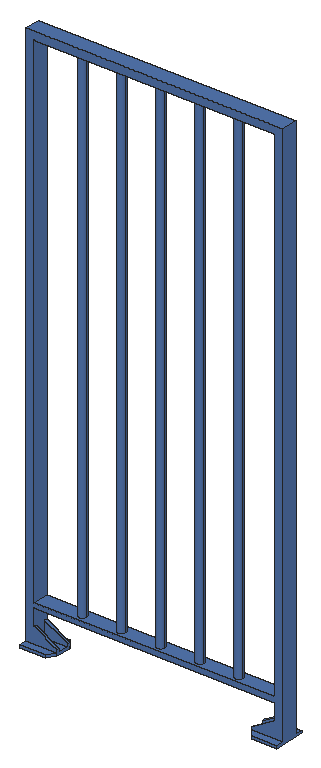
Revit family "Ограждение MB-16", category Обобщенные модели, Revit 2019
Family settings
  Может служить основой для арматурных стержней = Нет
  Размер круглого соединителя = Использовать диаметр
  Тип детали = Нормальный
  На основе рабочей плоскости = Нет
  Всегда вертикально = Да
  При загрузке вырезать с полостями = Нет
  Общий = Нет
  Точка расчета площади = Нет
Parameters
  Температура использования = "от -40°C до +55°C"
  Габаритные размеры = "1000х120х2093"
  ADSK_Наименование краткое = "Ограждение MB-16"
  ADSK_Наименование = "Полноростовое ограждение MB-16"
  ADSK_Материал наименование = Сталь окрашенная RAL 5010
  ADSK_Масса_Текст = "31 кг"
  ADSK_Количество = 1
  ADSK_Завод-изготовитель = "PERCo"
  ADSK_Единица измерения = "компл."
  ADSK_URL страницы изделия = "https://www.perco.ru/products/polnorostovoe-ograzhdenie-mb-16.php"
Reference planes
  plane 1 "По центру (Вперед/Назад)": y = 0
  plane 2: z = 0
  plane 3 "По центру (Влево/Вправо)": x = 0
  plane 4: y = 60
  plane 5: y = -60
  plane 6: x = 500
  plane 7: x = -500
Forms (mm)
  Extrusion 1, solid, material "Сталь окрашенная RAL 5010"
    sketch origin (0, 0, 0) x (1, 0, 0) y (0, 1, 0)
      loop
        line (-500, 30) -> (-500, -30) -> (500, -30) -> (500, 30) -> (-500, 30)
    from 2120 to 2150
  Extrusion 2, solid, material "Сталь окрашенная RAL 5010"
    sketch origin (0, 0, 0) x (1, 0, 0) y (0, 1, 0)
      loop
        line (-470, 30) -> (-470, -30) -> (470, -30) -> (470, 30) -> (-470, 30)
    from 135 to 155
  Extrusion 3, solid, material "Сталь окрашенная RAL 5010"
    sketch origin (0, 0, 0) x (1, 0, 0) y (0, 1, 0)
      loop
        line (-500, 30) -> (-500, -30) -> (-470, -30) -> (-470, 30) -> (-500, 30)
      loop
        line (500, 30) -> (470, 30) -> (470, -30) -> (500, -30) -> (500, 30)
    from 10 to 2120
  Extrusion 4, solid, material "Сталь окрашенная RAL 5010"
    sketch origin (0, 0, 0) x (1, 0, 0) y (0, 1, 0)
      loop
        line (-500, 0) -> (-500, -60) -> (-401.006, -60) -> (-380, -30) -> (-380, 30) -> (-401.006, 60) -> (-500, 60) -> (-500, 0)
      loop
        line (500, 0) -> (500, 60) -> (401.006, 60) -> (380, 30) -> (380, -30) -> (401.006, -60) -> (500, -60) -> (500, 0)
    from 0 to 10
  Extrusion 5, solid, material "Сталь окрашенная RAL 5010"
    sketch origin (-90, 0, 0) x (1, 0, 0) y (0, 0, 1)
      loop
        line (-290, 10) -> (-290, 20) -> (-380, 71.962) -> (-380, 10) -> (-290, 10)
    from -30 to -20
  Extrusion 6, solid, material "Сталь окрашенная RAL 5010"
    sketch origin (-90, 0, 0) x (1, 0, 0) y (0, 0, 1)
      loop
        line (-290, 10) -> (-290, 20) -> (-380, 71.962) -> (-380, 10) -> (-290, 10)
    from 30 to 20
  Extrusion 7, solid, material "Сталь окрашенная RAL 5010"
    sketch origin (90, 0, 0) x (-1, 0, 0) y (0, 0, -1)
      loop
        line (-290, -10) -> (-380, -10) -> (-380, -71.962) -> (-290, -20) -> (-290, -10)
    from -30 to -20
  Extrusion 8, solid, material "Сталь окрашенная RAL 5010"
    sketch origin (90, 0, 0) x (-1, 0, 0) y (0, 0, -1)
      loop
        line (-290, -10) -> (-380, -10) -> (-380, -71.962) -> (-290, -20) -> (-290, -10)
    from 30 to 20
  Extrusion 9, solid, material "Сталь окрашенная RAL 5010"
    sketch origin (0, 0, 0) x (1, 0, 0) y (0, 1, 0)
      loop
        circle (0, 0) r 15
      loop
        circle (-152.5, 0) r 15
      loop
        circle (-305, 0) r 15
      loop
        circle (152.5, 0) r 15
      loop
        circle (305, 0) r 15
    from 155 to 2120
Cuts and joins
  joined: Extrusion 1, Extrusion 2, Extrusion 3, Extrusion 4, Extrusion 5, Extrusion 6, Extrusion 7, Extrusion 8, Extrusion 9
Dimensions and locks
  cut or joined group 1 (Extrusion 1, Extrusion 2, Extrusion 3, Extrusion 4, Extrusion 5, Extrusion 6, Extrusion 7, Extrusion 8, Extrusion 9) to cut or joined group 1 = 1000 mm
  aligned and locked: level to plane 2
